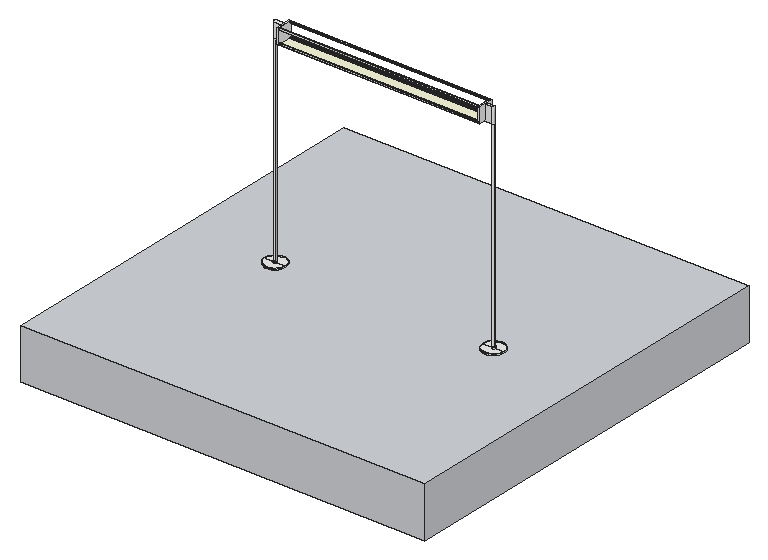
Revit family
Parameters (values of type "NEOS-1T5-OD-RS-004-LEF-LEX-xx")
  Wattage Comments = "28w"
  Wattage = 17.5035 W
  built-in parameter 1150110 = 1 (stored number, unit not read)
  URL = "http://www.selux.com/web/files/interior/NEOS_SS.pdf"
  built-in parameter 1114217 = 1 (stored number, unit not read)
  Tilt Angle = 90.00°
  built-in parameter 1150109 = 1 (stored number, unit not read)
  built-in parameter 1150134 = 9
  built-in parameter 1150113 = 1 (stored number, unit not read)
  Photometric Web File = "NEOS-1T5-OD-004.IES"
  Model = "NEOS-1T5-OD-RS-004-LEF-LEX-xx"
  Manufacturer = "Selux Corporation"
  built-in parameter 1150105 = 206.9 (stored number, unit not read)
  Lumens = 2600 lm
  built-in parameter 1150115 = 1 (stored number, unit not read)
  built-in parameter 1150137 = (empty or 0)
  built-in parameter 1150139 = (empty or 0)
  built-in parameter 1150112 = 1 (stored number, unit not read)
  built-in parameter 1150114 = 1 (stored number, unit not read)
  Lamp = "1xF028T5"
  built-in parameter 1150132 = 2
  built-in parameter 1150102 = (empty or 0)
  built-in parameter 1150107 = 3450 (stored number, unit not read)
  built-in parameter 1150138 = (empty or 0)
  built-in parameter 1150106 = 2.069 (stored number, unit not read)
  Emit from Line Length = 3' - 11 113/256"
  built-in parameter 1150104 = 13.8 (stored number, unit not read)
  Dimming Lamp Color Temperature Shift = (empty or 0)
  Description = "Neo Pendant"
  Default Elevation = 4' - 0"
  Color Filter = 16777215
  Ceiling Height = 4' - 0"
  built-in parameter 1114218 = 1 (stored number, unit not read)
  built-in parameter 1150133 = 10 (stored number, unit not read)
  Assembly Code = "D5020210"
Types (5): name | Wattage Comments | Wattage | built-in parameter 1150134 | Photometric Web File | Model | built-in parameter 1150105 | Lumens | Lamp | built-in parameter 1150107 | built-in parameter 1150106
  (no name) | "28w" | 17.5035 W | 9 | "NEOS-1T5-OD-004.IES" | "NEOS-1T5-OD-RS-004-LEF-LEX-xx" | 206.9 (stored number, unit not read) | 2600 lm | "1xF028T5" | 3450 (stored number, unit not read) | 2.069 (stored number, unit not read)
  NEOS-1T5-MI-RS-004-LEF-LEX-xx | "28w" | 17.5035 W | 9 | "NEOS-1T5-MI-004.IES" | "NEOS-1T5-MI-RS-004-LEF-LEX-xx" | 206.9 (stored number, unit not read) | 2600 lm | "1xF028T5" | 3450 (stored number, unit not read) | 2.069 (stored number, unit not read)
  NEOS-1T5-OD-RS-004-LEF-LEX-xx | "28w" | 17.5035 W | 9 | "NEOS-1T5-OD-004.IES" | "NEOS-1T5-OD-RS-004-LEF-LEX-xx" | 206.9 (stored number, unit not read) | 2600 lm | "1xF028T5" | 3450 (stored number, unit not read) | 2.069 (stored number, unit not read)
  NEOS-1T5HO-MI-RS-004-LEF-LEX-xx | "54w" | 33.6605 W | 8 | "NEOS-1T5-MI-004.IES" | "NEOS-1T5HO-MI-RS-004-LEF-LEX-xx" | 397.89 (stored number, unit not read) | 5000 lm | "1xF054T5HO" | 4230 (stored number, unit not read) | 3.9789 (stored number, unit not read)
  NEOS-1T5HO-OD-RS-004-LEF-LEX-xx | "54w" | 33.6605 W | 8 | "NEOS-1T5-OD-004.IES" | "NEOS-1T5HO-OD-RS-004-LEF-LEX-xx" | 397.89 (stored number, unit not read) | 5000 lm | "1xF054T5HO" | 4230 (stored number, unit not read) | 3.9789 (stored number, unit not read)
Reference planes (in)
  plane 1 "Center (Front/Back)": y = 0
  plane 2: z = 0
  plane 3 "Center (Left/Right)": x = 0
  plane 4: z = 48
  plane 5: y = 1.77165
  plane 6: z = 51.54331
  plane 7: y = -1.77165
  plane 8: x = 23.72047
  plane 9: x = -23.72047
  plane 10: x = -24.01577
  plane 11: x = 24.01577
  plane 12: x = -26.22047
  plane 13: x = 26.22047
  plane 14: y = 0.3342
  plane 15: y = -0.3342
  plane 16: x = -25.90547
  plane 17: x = 25.90547
  plane 18: z = 0.23063
  plane 19: z = 0.51161
  plane 20: z = 49.77165
Forms (in)
  Extrusion 1, solid
    sketch origin (0, 0, 0) x (1, 0, 0) y (0, 1, 0)
      loop
        line (-48, 48) -> (-48, -48) -> (48, -48) -> (48, 48) -> (-48, 48)
    from 0 to -12
  Extrusion 2, solid, material "Neo Finish"
    sketch origin (0, 0, 0) x (0, 1, 0) y (0, 0, 1)
      loop
        line (1.77165, 51.23622) -> (1.77165, 51.54331) -> (1.46457, 51.54331) -> (1.52362, 51.48425) -> (1.52362, 51.42126) -> (1.47638, 51.42126) -> (1.47638, 51.24803) -> (1.64961, 51.24803) -> (1.64961, 51.29528) -> (1.7126, 51.29528) -> (1.77165, 51.23622)
      loop
        line (-1.46457, 51.54331) -> (-1.77165, 51.54331) -> (-1.77165, 51.23622) -> (-1.7126, 51.29528) -> (-1.64961, 51.29528) -> (-1.64961, 51.24803) -> (-1.47638, 51.24803) -> (-1.47638, 51.42126) -> (-1.52362, 51.42126) -> (-1.52362, 51.48425) -> (-1.46457, 51.54331)
      loop
        line (1.77165, 48.30709) -> (1.7126, 48.24803) -> (1.64961, 48.24803) -> (1.64961, 48.29528) -> (1.47638, 48.29528) -> (1.47638, 48.12205) -> (1.52362, 48.12205) -> (1.52362, 48.05906) -> (1.46457, 48) -> (1.77165, 48) -> (1.77165, 48.30709)
      loop
        line (-1.77165, 48) -> (-1.46457, 48) -> (-1.52362, 48.05906) -> (-1.52362, 48.12205) -> (-1.47638, 48.12205) -> (-1.47638, 48.29528) -> (-1.64961, 48.29528) -> (-1.64961, 48.24803) -> (-1.7126, 48.24803) -> (-1.77165, 48.30709) -> (-1.77165, 48)
    from -23.72047 to 23.72047
  Extrusion 3, solid, material "Neo Finish"
    sketch origin (0, 0, 0) x (1, 0, 0) y (0, 0, 1)
      loop
        line (-23.72047, 48) -> (-23.72047, 51.54331) -> (-24.01577, 51.54331) -> (-24.01577, 48) -> (-23.72047, 48)
      loop
        line (23.72047, 51.54331) -> (23.72047, 48) -> (24.01577, 48) -> (24.01577, 51.54331) -> (23.72047, 51.54331)
    from -1.77165 to 1.77165
  Extrusion 4, solid, material "Neo Finish"
    sketch origin (0, 0, 0) x (1, 0, 0) y (0, 1, 0)
      loop
        line (-25.88627, -0.3342) -> (-24.01577, -0.3342) -> (-24.01577, 0.3342) -> (-25.88627, 0.3342)
        arc (-25.88627, 0.3342) -> (-26.22047, 0) -> (-25.88627, -0.3342) r 0.3342
      loop
        arc (25.88627, -0.3342) -> (26.22047, 0) -> (25.88627, 0.3342) r 0.3342
        line (25.88627, 0.3342) -> (24.01577, 0.3342) -> (24.01577, -0.3342) -> (25.88627, -0.3342)
    from 48 to 51.54331
  Extrusion 5, solid, material "Neo Glass"
    sketch origin (0, 0, 0) x (0, 1, 0) y (0, 0, 1)
      loop
        line (1.51575, 51.4252) -> (1.51575, 51.4876) -> (1.46004, 51.54331) -> (-1.46004, 51.54331) -> (-1.51575, 51.4876) -> (-1.51575, 51.4252) -> (1.51575, 51.4252)
      loop
        line (1.65354, 48.25591) -> (1.71594, 48.25591) -> (1.77165, 48.31161) -> (1.77165, 51.23169) -> (1.71594, 51.2874) -> (1.65354, 51.2874) -> (1.65354, 48.25591)
      loop
        line (-1.65354, 48.25591) -> (-1.65354, 51.2874) -> (-1.71594, 51.2874) -> (-1.77165, 51.23169) -> (-1.77165, 48.31161) -> (-1.71594, 48.25591) -> (-1.65354, 48.25591)
    from -23.72047 to 23.72047
  Extrusion 6, solid, material "Neo Lens"
    sketch origin (0, 0, 0) x (0, 1, 0) y (0, 0, 1)
      loop
        line (1.45669, 48.21654) -> (1.39764, 48.21654) -> (1.39764, 48.09843)
        arc (1.39764, 48.09843) -> (1.39187, 48.08451) -> (1.37795, 48.07874) r 0.01969
        line (1.37795, 48.07874) -> (-1.37795, 48.07874)
        arc (-1.37795, 48.07874) -> (-1.39187, 48.08451) -> (-1.39764, 48.09843) r 0.01969
        line (-1.39764, 48.09843) -> (-1.39764, 48.21654) -> (-1.45669, 48.21654) -> (-1.45669, 48.05906) -> (-1.45669, 48.01969)
        arc (-1.45669, 48.01969) -> (-1.45093, 48.00577) -> (-1.43701, 48) r 0.01969
        line (-1.43701, 48) -> (1.43701, 48)
        arc (1.43701, 48) -> (1.45093, 48.00577) -> (1.45669, 48.01969) r 0.01969
        line (1.45669, 48.01969) -> (1.45669, 48.21654)
    from -23.72047 to 23.72047
  Revolve 7, solid, material "Neo Finish"
    sketch origin (0, 0, 0) x (1, 0, 0) y (0, 0, 1)
      loop
        line (-26.15547, 48) -> (-26.15547, 0.53129) -> (-26.25066, 0.53129)
        arc (-26.25066, 0.53129) -> (-26.26469, 0.52554) -> (-26.27068, 0.51161) r 0.02002
        line (-26.27068, 0.51161) -> (-26.27068, 0.25031) -> (-28.38452, 0.25031)
        arc (-28.38452, 0.25031) -> (-28.39855, 0.24457) -> (-28.40454, 0.23063) r 0.02002
        line (-28.40454, 0.23063) -> (-28.40454, 0) -> (-25.90547, 0) -> (-25.90547, 48) -> (-26.15547, 48)
      axis (-25.90547, 48) -> (-25.90547, 0)
    angle from 0 to 360
  Revolve 8, solid, material "Neo Finish"
    sketch origin (0, 0, 0) x (-1, 0, 0) y (0, 0, 1)
      loop
        line (-26.15547, 48) -> (-26.15547, 0.53129) -> (-26.25066, 0.53129)
        arc (-26.25066, 0.53129) -> (-26.26469, 0.52554) -> (-26.27068, 0.51161) r 0.02002
        line (-26.27068, 0.51161) -> (-26.27068, 0.25031) -> (-28.38452, 0.25031)
        arc (-28.38452, 0.25031) -> (-28.39855, 0.24457) -> (-28.40454, 0.23063) r 0.02002
        line (-28.40454, 0.23063) -> (-28.40454, 0) -> (-25.90547, 0) -> (-25.90547, 48) -> (-26.15547, 48)
      axis (-25.90547, 48) -> (-25.90547, 0)
    angle from 0 to 360
Dimensions and locks (in)
  plane 16 to plane 12 = 0' - 0.315"
  plane 13 to plane 17 = 0' - 0.315"
  locked: plane 10 to plane 12 at 2.2047
  locked: plane 13 to plane 11 at 2.2047
  locked: plane 12 to plane 9 at 2.5
  locked: plane 13 to plane 8 at 2.5
  locked: plane 13 to plane 12 at 52.44094
  equal spacing: plane 13, plane 3 "Center (Left/Right)", plane 12
  "Ceiling Height": plane 4 to Extrusion 1
  locked: plane 6 to plane 4 at 3.54331
  locked: plane 5 to plane 7 at 3.54331
  equal spacing: plane 5, plane 1 "Center (Front/Back)", plane 7
  locked: plane 18 to Extrusion 1 at 0.23063
  locked: plane 19 to Extrusion 1 at 0.51161
  equal spacing: plane 6, plane 20, plane 4
  aligned and locked: plane 2 to Extrusion 1
  aligned and locked: level to Extrusion 1
  aligned and locked: plane 6 to Extrusion 2  (x2)
  aligned and locked: plane 7 to Extrusion 2  (x2)
  aligned and locked: plane 4 to Extrusion 2  (x2)
  aligned and locked: plane 5 to Extrusion 2  (x2)
  aligned and locked: plane 8 to Extrusion 2
  aligned and locked: Extrusion 2 to plane 9
  aligned and locked: Extrusion 2 to Extrusion 3 sketch curve  (x3)
  aligned and locked: Extrusion 3 sketch curve to Extrusion 2
  aligned and locked: plane 6 to Extrusion 3 sketch curve
  aligned and locked: plane 10 to Extrusion 3 sketch curve
  aligned and locked: plane 4 to Extrusion 3 sketch curve
  aligned and locked: Extrusion 3 sketch curve to plane 11
  aligned and locked: Extrusion 3 to plane 5
  aligned and locked: plane 7 to Extrusion 3
  aligned and locked: plane 14 to Extrusion 4  (x2)
  aligned and locked: plane 15 to Extrusion 4
  aligned and locked: Extrusion 4 to plane 15
  aligned and locked: plane 6 to Extrusion 4
  aligned and locked: Extrusion 4 to plane 4
  aligned and locked: plane 6 to Extrusion 5 sketch curve
  aligned and locked: plane 6 to Extrusion 3
  aligned and locked: Extrusion 5 to plane 5
  aligned and locked: plane 7 to Extrusion 5
  aligned and locked: plane 8 to Extrusion 5
  aligned and locked: Extrusion 5 to plane 9
  aligned and locked: Extrusion 6 to plane 4
  aligned and locked: plane 8 to Extrusion 6
  aligned and locked: Extrusion 6 to plane 9
  aligned and locked: Revolve 7 to Extrusion 1
  aligned and locked: plane 18 to Revolve 7
  aligned and locked: plane 19 to Revolve 7
  aligned and locked: Revolve 7 to plane 4  (x2)
  aligned and locked: imposter light to plane 3 "Center (Left/Right)"
  aligned and locked: imposter light to plane 20
  aligned and locked: Extrusion 1 to Revolve 8
  aligned and locked: Revolve 8 to plane 18
  aligned and locked: Revolve 8 to plane 19
  aligned and locked: plane 4 to Revolve 8
Automatic sketch dimensions
  Extrusion 1 sketch curve to Extrusion 1 sketch curve = 8' - 0"  (x2)
  Extrusion 2 sketch curve to plane 7 = 0' - 0"  (x2)
  Extrusion 2 sketch curve to plane 4 = 0' - 0"  (x2)
  Extrusion 2 sketch curve to plane 6 = 0' - 0"  (x2)
  Extrusion 2 sketch curve to plane 5 = 0' - 0"  (x2)
  Extrusion 2 sketch curve to plane 7 = 0' - 0.05906"  (x2)
  Extrusion 2 sketch curve to Extrusion 2 sketch curve = 0' - 0.06299"  (x5)
  plane 4 to Extrusion 2 sketch curve = 0' - 0.05906"  (x2)
  Extrusion 2 sketch curve to Extrusion 2 sketch curve = 0' - 0.12598"  (x4)
  Extrusion 2 sketch curve to plane 6 = 0' - 0.05906"  (x2)
  Extrusion 2 sketch curve to Extrusion 2 sketch curve = 0' - 0.17323"  (x3)
  Extrusion 2 sketch curve to Extrusion 2 sketch curve = 0' - 0.05906"  (x4)
  plane 5 to Extrusion 2 sketch curve = 0' - 0.30709"  (x2)
  plane 5 to Extrusion 2 sketch curve = 0' - 0.29528"  (x2)
  Extrusion 2 sketch curve to Extrusion 2 sketch curve = 0' - 0.04724"  (x5)
  plane 5 to Extrusion 2 sketch curve = 0' - 0.12205"  (x2)
  plane 5 to Extrusion 2 sketch curve = 0' - 0.05906"  (x2)
  Extrusion 2 sketch curve to Extrusion 2 sketch curve = 0' - 0.30709"  (x2)
  Extrusion 2 sketch curve to Extrusion 2 sketch curve = 0' - 0.01181"  (x2)
  Extrusion 2 sketch curve to plane 6 = 0' - 0.12205"
  plane 1 "Center (Front/Back)" to Extrusion 4 sketch curve = 0' - 0"  (x2)
  Extrusion 4 sketch curve to plane 15 = 0' - 0"  (x2)
  Extrusion 4 sketch curve to plane 10 = 0' - 0"
  Extrusion 4 sketch curve to plane 11 = 0' - 0"
  plane 16 to Extrusion 4 sketch curve = 0' - 0.0192"
  Extrusion 4 sketch curve to plane 17 = 0' - 0.0192"
  Extrusion 5 sketch curve to plane 7 = 0' - 0"
  Extrusion 5 sketch curve to plane 5 = 0' - 0"
  Extrusion 5 sketch curve to plane 7 = 0' - 0.05571"  (x2)
  Extrusion 5 sketch curve to Extrusion 5 sketch curve = 0' - 0.0624"  (x2)
  Extrusion 5 sketch curve to plane 6 = 0' - 0.05571"  (x2)
  Extrusion 5 sketch curve to Extrusion 5 sketch curve = 0' - 0.1378"  (x3)
  Extrusion 5 sketch curve to Extrusion 5 sketch curve = 0' - 0.05571"  (x6)
  plane 5 to Extrusion 5 sketch curve = 0' - 0.31161"
  plane 5 to Extrusion 5 sketch curve = 0' - 0.11811"
  plane 5 to Extrusion 5 sketch curve = 0' - 0.05571"  (x2)
  plane 4 to Extrusion 5 sketch curve = 0' - 0.31161"  (x2)
  Extrusion 6 sketch curve to plane 4 = 0' - 0"
  Extrusion 6 sketch curve to plane 7 = 0' - 0.31496"
  Extrusion 6 sketch curve to Extrusion 6 sketch curve = 0' - 0"  (x8)
  Extrusion 6 sketch curve to Extrusion 6 sketch curve = 0' - 0.01969"  (x4)
  Extrusion 6 sketch curve to Extrusion 6 sketch curve = 0' - 0.05906"  (x2)
  plane 4 to Extrusion 6 sketch curve = 0' - 0.07874"
  plane 5 to Extrusion 6 sketch curve = 0' - 0.3937"
  Extrusion 6 sketch curve to Extrusion 6 sketch curve = 0' - 0.03937"
  Extrusion 6 sketch curve to Extrusion 6 sketch curve = 0' - 0.11811"  (x2)
  Revolve 7 sketch curve to plane 18 = 0' - 0"
  Revolve 7 sketch curve to level = 0' - 0"
  Revolve 7 sketch curve to plane 19 = 0' - 0"
  Revolve 7 sketch curve to plane 4 = 0' - 0"
  Revolve 7 sketch curve to plane 16 = 0' - 0"  (x2)
  plane 19 to Revolve 7 sketch curve = 0' - 0.01968"
  plane 12 to Revolve 7 sketch curve = 0' - 0.065"
  Revolve 7 sketch curve to plane 12 = 0' - 0.03019"
  Revolve 7 sketch curve to Revolve 7 sketch curve = 0' - 0.02002"  (x2)
  plane 18 to Revolve 7 sketch curve = 0' - 0.01968"
  Revolve 7 sketch curve to Revolve 7 sketch curve = 0' - 2.11384"
  Revolve 7 sketch curve to Revolve 7 sketch curve = 0' - 3.10708"
  plane 6 to Revolve 7 sketch curve = 0' - 0.86456"
  Revolve 8 sketch curve to plane 18 = 0' - 0"
  level to Revolve 8 sketch curve = 0' - 0"
  Revolve 8 sketch curve to plane 19 = 0' - 0"
  Revolve 8 sketch curve to plane 4 = 0' - 0"
  Revolve 8 sketch curve to plane 17 = 0' - 0"  (x2)
  Revolve 8 sketch curve to plane 19 = 0' - 0.01968"
  plane 13 to Revolve 8 sketch curve = 0' - 0.065"
  Revolve 8 sketch curve to plane 13 = 0' - 0.03019"
  Revolve 8 sketch curve to Revolve 8 sketch curve = 0' - 0.02002"  (x2)
  Revolve 8 sketch curve to plane 18 = 0' - 0.01968"
  Revolve 8 sketch curve to Revolve 8 sketch curve = 0' - 2.11384"
  Revolve 8 sketch curve to Revolve 8 sketch curve = 0' - 3.10708"
  Revolve 8 sketch curve to plane 6 = 0' - 0.86456"
Connectors (in)
  electrical at (-25.90547, 0, 0)
    settings: on Revolve 7, index 1
